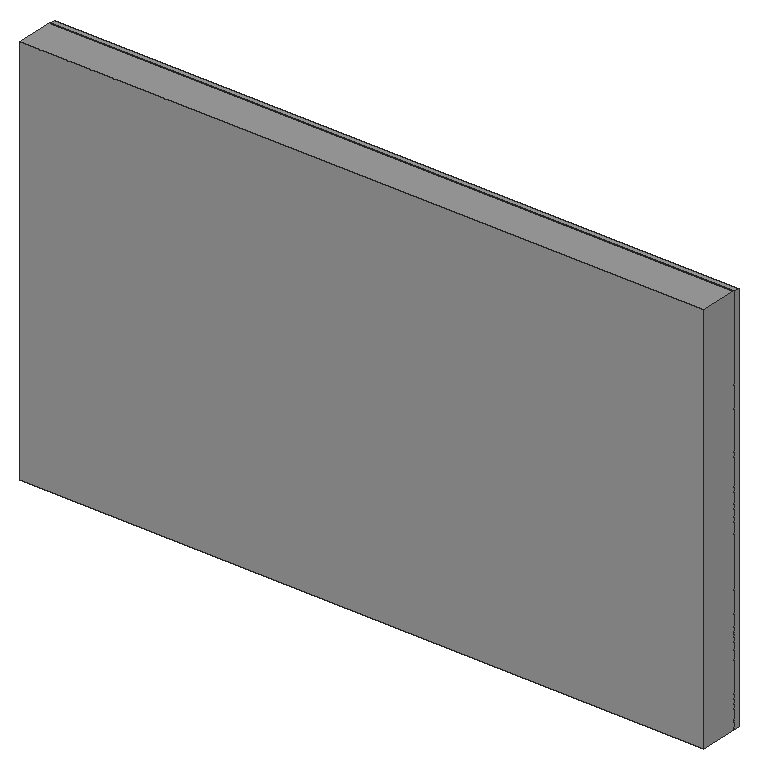
Revit family "Pluraluce M LED 1-s Sentr (ned_veggmontasje)", category Lighting Fixtures, Revit 2013
Parameters (values of type "20m")
  Width = 10 mm
  Wattage Comments = "17 W"
  Wattage = 9.2903 W
  built-in parameter 1150110 = 1 (stored number, unit not read)
  Voltage = 230 V
  URL = ""
  built-in parameter 1114217 = 1 (stored number, unit not read)
  Tilt Angle = 90.00°
  built-in parameter 1150109 = 1 (stored number, unit not read)
  built-in parameter 1150134 = 3
  Symbol Positive Direction [instance] = yes
  Symbol Offset Side [instance] = 0 mm
  Symbol Offset Out [instance] = 0 mm
  built-in parameter 1150113 = 1 (stored number, unit not read)
  Reference Line Out [instance] = 50 mm
  Photometric Web File = "20x42A12.ies"
  Number of Poles = 1
  built-in parameter 1150105 = 109.82 (stored number, unit not read)
  Lumens = 1380 lm
  built-in parameter 1150115 = 1 (stored number, unit not read)
  Load Classification [instance] = Other
  Model = ""
  Manufacturer = ""
  built-in parameter 1150137 = (empty or 0)
  built-in parameter 1150139 = (empty or 0)
  Length 1 = Length - 30 mm  # 205 mm
  Length = 235 mm
  built-in parameter 1150112 = 1 (stored number, unit not read)
  built-in parameter 1150114 = 1 (stored number, unit not read)
  Lamp = "1"
  built-in parameter 1150132 = (empty or 0)
  built-in parameter 1150102 = (empty or 0)
  built-in parameter 1150107 = 3200 (stored number, unit not read)
  built-in parameter 1150138 = (empty or 0)
  built-in parameter 1150106 = 1.0982 (stored number, unit not read)
  Height 1 = Height - 30 mm  # 105 mm
  Height = 135 mm
  Emit from Rectangle Width = Height  # 135 mm
  Emit from Rectangle Length = Length  # 235 mm
  Emit Shape Visible in Rendering = no
  built-in parameter 1150104 = 13.8 (stored number, unit not read)
  Dimming Lamp Color Temperature Shift = <None>
  Description = ""
  Color Filter = 16777215
  Body Material and Colour = Default
  built-in parameter 1114218 = 1 (stored number, unit not read)
  built-in parameter 1150133 = 10 (stored number, unit not read)
  Assembly Code = ""
  Apparent Load = 17 VA
  30m = no
  20m = yes
Types (2, lengths in mm): name | Reference Line Out | Length 1 | Length | Height 1 | Height | Emit from Rectangle Width | Emit from Rectangle Length | 30m | 20m
  20m | 50 | 205 | 235 | 105 | 135 | 135 | 235 | no | yes
  30m | 139.852 | 305 | 335 | 155 | 185 | 185 | 335 | yes | no
Reference planes
  plane 1 "Light Source Axis (F/B)": y = 119.961
  plane 2 "Top": z = 83
  plane 3 "Light Source Axis (L/R)": x = 0
  plane 4 "Level": z = 0
  plane 5 "Bottom": z = -135
  plane 6: x = -117.5
  plane 7: x = 117.5
  plane 8: y = 132.961
  plane 9: y = 134.961
  plane 10: z = -15
  plane 11: x = -102.5
  plane 12: x = 102.5
  plane 13: z = -67.5
  plane 14: z = -120
Forms (mm)
  Extrusion 1, solid, material "Default" <- "Body Material and Colour"
    sketch origin (0, 119.961, 0) x (1, 0, 0) y (0, 0, 1)
      loop
        line (-117.5, 0) -> (-117.5, -135) -> (117.5, -135) -> (117.5, 0) -> (-117.5, 0)
    from 0 to -13
  Extrusion 2, solid, material "Default" <- "Body Material and Colour"
    sketch origin (0, 119.961, 0) x (1, 0, 0) y (0, 0, 1)
      loop
        line (-117.5, 0) -> (-117.5, -135) -> (117.5, -135) -> (117.5, 0) -> (-117.5, 0)
      loop
        line (-102.5, -15) -> (-102.5, -120) -> (102.5, -120) -> (102.5, -15) -> (-102.5, -15)
    from -15 to -13
Lines and regions (mm)
  model lines, style "InvisibleLines"
    curve 1: line (0, 119.961, 0) -> (0, 169.961, 0)
Dimensions and locks
  equal spacing: plane 6, plane 3 "Light Source Axis (L/R)", plane 7
  "Length": plane 6 to plane 7
  plane 8 to plane 1 "Light Source Axis (F/B)" = 13 mm
  locked: plane 9 to plane 8 at 2
  equal spacing: plane 4 "Level", plane 13, plane 5 "Bottom"
  "Height": plane 4 "Level" to plane 5 "Bottom"
  equal spacing: plane 11, plane 3 "Light Source Axis (L/R)", plane 12
  "Length 1": plane 11 to plane 12
  equal spacing: plane 10, plane 13, plane 14
  "Height 1": plane 10 to plane 14
  locked: plane 1 "Light Source Axis (F/B)" to plane 9 at 15
  "Reference Line Out": plane 1 "Light Source Axis (F/B)" to curve 1
  aligned and locked: plane 4 "Level" to level
  aligned and locked: plane 8 to nested 2
  aligned and locked: nested 2 to plane 13
  aligned and locked: plane 3 "Light Source Axis (L/R)" to nested 3
  aligned and locked: plane 1 "Light Source Axis (F/B)" to nested 3
  aligned and locked: plane 8 to nested 1
  aligned and locked: plane 4 "Level" to Extrusion 1 sketch curve
  aligned and locked: plane 6 to Extrusion 1 sketch curve
  aligned and locked: plane 5 "Bottom" to Extrusion 1 sketch curve
  aligned and locked: Extrusion 1 sketch curve to plane 7
  aligned and locked: Extrusion 1 to plane 8
  aligned and locked: plane 1 "Light Source Axis (F/B)" to Extrusion 1
  aligned and locked: plane 4 "Level" to Extrusion 2 sketch curve
  aligned and locked: Extrusion 2 sketch curve to plane 7
  aligned and locked: plane 5 "Bottom" to Extrusion 2 sketch curve
  aligned and locked: plane 6 to Extrusion 2 sketch curve
  aligned and locked: Extrusion 2 sketch curve to plane 10
  aligned and locked: plane 11 to Extrusion 2 sketch curve
  aligned and locked: plane 14 to Extrusion 2 sketch curve
  aligned and locked: Extrusion 2 sketch curve to plane 12
  aligned and locked: plane 8 to Extrusion 2
  aligned and locked: Extrusion 2 to plane 9
  aligned and locked: nested 1 to plane 13
  aligned and locked: plane 13 to imposter light
  aligned and locked: imposter light to plane 9
  aligned and locked: plane 1 "Light Source Axis (F/B)" to curve 1
  aligned and locked: plane 3 "Light Source Axis (L/R)" to curve 1
Nested families
  nested 1: "20m_ned" at (0, 132.961, -67.5), visible <- "20m", type "20m"
  nested 2: "30m_ned" at (0, 132.961, -67.5), visible <- "30m", type "30m"
  nested 3: "MarkeringslysS" at (0, 119.961, 0), type "Type 1"
Connectors
  electrical at (0, 119.961, 0), driven by "Number of Poles", driven by "Voltage", driven by "Apparent Load", driven by "Load Classification"
    settings: index 1, voltage 230 V, apparent load 0 VA, apparent load phase1 17 VA, apparent load phase2 0 VA, apparent load phase3 0 VA, power factor 1, load classification "Other", number of poles 1, system type 31, power factor state 1, is connector primary yes, connector utility no, sub classification motor no, connector description ""
Definition of nested family "20m_ned"
  Parameters (values of type "20m")
    Material = yes
    L = 205 mm
    H = 135 mm
  Reference planes
    plane 1 "Center (Front/Back)": y = 0
    plane 2: z = 0
    plane 3 "Center (Left/Right)": x = 0
    plane 4: y = -2
  Forms (mm)
    Extrusion 1, solid, material "Green", visible <- "Material"
      sketch origin (453.48, 0, -265.275) x (1, 0, 0) y (0, 0, 1)
        loop
          line (-555.98, 317.775) -> (-555.98, 212.775) -> (-350.98, 212.775) -> (-350.98, 317.775) -> (-555.98, 317.775)
        loop
          line (-422.028, 251.892) -> (-402.91, 232.775) -> (-383.793, 251.892) -> (-383.793, 263.363) -> (-397.175, 249.981) -> (-397.175, 297.775) -> (-408.646, 297.775) -> (-408.646, 249.981) -> (-422.028, 263.363) -> (-422.028, 251.892)
        loop
          circle (-469.766, 303.483) r 7
        loop
          line (-475.5, 291.17) -> (-481.111, 295.878) -> (-514.738, 289.33) -> (-523.167, 276.351)
          arc (-523.167, 276.351) -> (-523.437, 274.892) -> (-522.597, 273.669) r 1.939
          line (-522.597, 273.669) -> (-520.357, 272.215)
          arc (-520.357, 272.215) -> (-518.849, 271.956) -> (-517.622, 272.872) r 1.939
          line (-517.622, 272.872) -> (-511.565, 283.363) -> (-494.748, 286.638) -> (-511.024, 258.447) -> (-527.794, 258.447)
          arc (-527.794, 258.447) -> (-530.079, 257.5) -> (-531.025, 255.215) r 3.232
          line (-531.025, 255.215) -> (-531.025, 251.984)
          arc (-531.025, 251.984) -> (-530.079, 249.699) -> (-527.794, 248.752) r 3.232
          line (-527.794, 248.752) -> (-494.232, 248.752) -> (-489.068, 257.695) -> (-482.551, 252.226) -> (-482.551, 225.892)
          arc (-482.551, 225.892) -> (-481.604, 223.607) -> (-479.319, 222.661) r 3.232
          line (-479.319, 222.661) -> (-476.087, 222.661)
          arc (-476.087, 222.661) -> (-473.802, 223.607) -> (-472.856, 225.892) r 3.232
          line (-472.856, 225.892) -> (-472.856, 256.746) -> (-484.146, 266.22) -> (-479.224, 274.746) -> (-468.474, 265.726)
          arc (-468.474, 265.726) -> (-467.059, 265.28) -> (-465.743, 265.965) r 1.939
          line (-465.743, 265.965) -> (-464.081, 267.946)
          arc (-464.081, 267.946) -> (-463.635, 269.361) -> (-464.32, 270.677) r 1.939
          line (-464.32, 270.677) -> (-475.942, 280.43) -> (-471.849, 287.519) -> (-475.5, 291.17)
      from 0 to 2
  Dimensions and locks
    aligned and locked: level to plane 2
Definition of nested family "30m_ned"
  Parameters (values of type "30m")
    Material = yes
    L = 425.577 mm
    H = 260 mm
  Reference planes
    plane 1 "Center (Front/Back)": y = 0
    plane 2: z = 0
    plane 3 "Center (Left/Right)": x = 0
    plane 4: y = -2
  Forms (mm)
    Extrusion 1, solid, material "Green", visible <- "Material"
      sketch origin (0, 0, 0) x (1, 0, 0) y (0, 0, 1)
        loop
          line (-152.5, 77.5) -> (-152.5, -77.5) -> (152.5, -77.5) -> (152.5, 77.5) -> (-152.5, 77.5)
        loop
          circle (-34.197, 48.678) r 8.988
        loop
          line (-41.559, 32.868) -> (-48.764, 38.913) -> (-91.942, 30.506) -> (-102.764, 13.841)
          arc (-102.764, 13.841) -> (-103.111, 11.967) -> (-102.032, 10.397) r 2.49
          line (-102.032, 10.397) -> (-99.157, 8.53)
          arc (-99.157, 8.53) -> (-97.22, 8.197) -> (-95.645, 9.373) r 2.49
          line (-95.645, 9.373) -> (-87.867, 22.844) -> (-66.274, 27.049) -> (-87.172, -9.148) -> (-108.705, -9.148)
          arc (-108.705, -9.148) -> (-111.639, -10.364) -> (-112.855, -13.298) r 4.149
          line (-112.855, -13.298) -> (-112.855, -17.447)
          arc (-112.855, -17.447) -> (-111.639, -20.381) -> (-108.705, -21.597) r 4.149
          line (-108.705, -21.597) -> (-65.611, -21.597) -> (-58.981, -10.114) -> (-50.612, -17.137) -> (-50.612, -50.949)
          arc (-50.612, -50.949) -> (-49.397, -53.883) -> (-46.463, -55.098) r 4.149
          line (-46.463, -55.098) -> (-42.313, -55.098)
          arc (-42.313, -55.098) -> (-39.379, -53.883) -> (-38.164, -50.949) r 4.149
          line (-38.164, -50.949) -> (-38.164, -11.332) -> (-52.661, 0.833) -> (-46.341, 11.78) -> (-32.538, 0.198)
          arc (-32.538, 0.198) -> (-30.721, -0.375) -> (-29.031, 0.505) r 2.49
          line (-29.031, 0.505) -> (-26.897, 3.048)
          arc (-26.897, 3.048) -> (-26.324, 4.865) -> (-27.204, 6.556) r 2.49
          line (-27.204, 6.556) -> (-42.127, 19.078) -> (-36.872, 28.181) -> (-41.559, 32.868)
        loop
          line (110.116, -23.333) -> (110.116, -3.333) -> (86.783, -26.667) -> (86.783, 56.667) -> (66.783, 56.667) -> (66.783, -26.667) -> (43.449, -3.333) -> (43.449, -23.333) -> (76.783, -56.667) -> (110.116, -23.333)
      from 0 to 2
  Dimensions and locks
    aligned and locked: level to plane 2
    aligned and locked: plane 4 to Extrusion 1
    aligned and locked: Extrusion 1 to plane 1 "Center (Front/Back)"
    aligned and locked: Extrusion 1 to plane 4
Definition of nested family "MarkeringslysS"
  Parameters (values of type "Type 1")
    CQ Symbol Positive Direction = yes
    CQ Symbol Negative Direction = not(CQ Symbol Positive Direction)  # no
    CQ Symbol Offset Side = 0 mm
    CQ Symbol Offset Out = 0 mm
  Reference planes
    plane 1: y = 0
    plane 2: x = 0
  Dimensions and locks
    "CQ Symbol Offset Out": plane 1 to nested 1
    "CQ Symbol Offset Out": plane 1 to nested 2
    "CQ Symbol Offset Side": plane 2 to nested 2
    "CQ Symbol Offset Side": nested 1 to plane 2
  Nested families
    nested 1: "LedelysSub" at (0, 0, 0), visible <- "CQ Symbol Negative Direction", type "Type 1"
    nested 2: "LedelysSub" at (0, 0, 0), visible <- "CQ Symbol Positive Direction", type "Type 1"
  Definition of nested family "LedelysSub"
    Reference planes
      plane 1: y = 0
      plane 2: x = 0
    Lines and regions (mm)
      Filled region 1, type "Filled region 1"
        outline origin (64.576, 53.459, 0) x (1, 0, 0) y (0, 1, 0)
          loop
            arc (-65.575, -52.307) -> (-65.224, -51.459) -> (-65.575, -50.61) r 1.2
            line (-65.575, -50.61) -> (-66.424, -51.459) -> (-65.575, -52.307)
      Filled region 2, type "Filled region 1"
        outline origin (-68.271, 53.459, 0) x (0, 1, 0) y (-1, 0, 0)
          loop
            line (-52.307, -65.575) -> (-51.459, -66.424) -> (-50.61, -65.575)
            arc (-50.61, -65.575) -> (-51.459, -65.224) -> (-52.307, -65.575) r 1.2
      detail lines
        curve 1: line (-4, 0, 0) -> (4, 0, 0)
        curve 2: line (4, 0, 0) -> (4, 4, 0)
        curve 3: line (4, 4, 0) -> (-4, 4, 0)
        curve 4: line (-4, 4, 0) -> (-4, 0, 0)
        curve 5: line (-3.097, 0.75, 0) -> (-0.597, 3.25, 0)
        curve 6: line (-3.097, 3.25, 0) -> (-0.597, 0.75, 0)
        curve 7: circle (-1.847, 2, 0) r 1.2 normal (0, 0, 1)
    Text (mm)
      text "ML" at (2.179, 3.025, 0)
    Dimensions and locks
      aligned and locked: Filled region 1 sketch curve to curve 7
